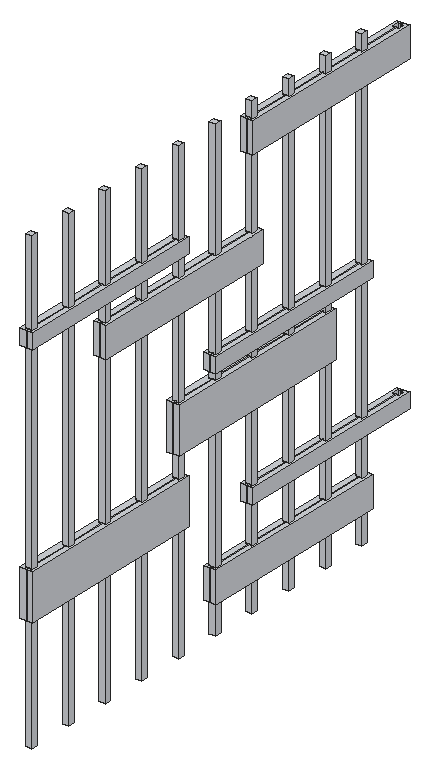
Revit family "TOM_MONTAGGIO PARTI RISTO CINESE_07-01-2019", category Generic Models, Revit 2016
Family settings
  Part Type = Normal
  Can host rebar = No
  Round Connector Dimension = Use Diameter
  Work Plane-Based = No
  Always vertical = Yes
  Cut with Voids When Loaded = No
  Shared = No
  Room Calculation Point = No
Parameters
  PASSO MONTANTI = 30 mm
  C_9 [instance] = 300 mm
  C_8 [instance] = 280 mm
  C_7 [instance] = 240 mm
  C_6 [instance] = 213 mm
  C_5 [instance] = 135 mm
  C_4 [instance] = 160 mm
  C_3 [instance] = 90 mm
  C_2 [instance] = 70 mm
  C_1 [instance] = 30 mm
Reference planes
  plane 1 "Center (Front/Back)": y = 0
  plane 2: z = 0
  plane 3 "Center (Left/Right)": x = 0
  plane 4: y = -30
  plane 5: y = -60
  plane 6: y = -90
  plane 7: y = -120
  plane 8: y = -150
  plane 9: z = 300
  plane 10: z = 213
  plane 11: z = 160
  plane 12: z = 135
  plane 13: z = 70
  plane 14: z = 30
  plane 15: y = -180
  plane 16: y = -210
  plane 17: z = 280
  plane 18: z = 90
  plane 19: z = 240
  plane 20: y = -240
  plane 21: y = -270
  plane 22: y = 30
Dimensions and locks
  "PASSO MONTANTI": plane 1 "Center (Front/Back)" to plane 4
  "C_9": plane 9 to plane 2
  "C_1": plane 14 to plane 2
  "C_2": plane 13 to plane 2
  "C_3": plane 18 to plane 2
  "C_5": plane 12 to plane 2
  "C_4": plane 11 to plane 2
  "C_6": plane 10 to plane 2
  "C_7": plane 19 to plane 2
  "C_8": plane 17 to plane 2
  equal spacing: plane 22, plane 1 "Center (Front/Back)", plane 4, plane 5, plane 6, plane 7, plane 8, plane 15, plane 16, plane 20, plane 21
  aligned and locked: level to plane 2
  aligned and locked: nested 1 to plane 1 "Center (Front/Back)"
  aligned and locked: nested 2 to plane 4
  aligned and locked: nested 3 to plane 5
  aligned and locked: nested 4 to plane 6
  aligned and locked: nested 5 to plane 7
  aligned and locked: nested 6 to plane 8
  aligned and locked: nested 12 to plane 15
  aligned and locked: plane 2 to nested 12
  aligned and locked: plane 2 to nested 13
  aligned and locked: plane 9 to nested 13
  aligned and locked: plane 9 to nested 12
  aligned and locked: nested 11 to plane 10
  aligned and locked: nested 15 to plane 18
  aligned and locked: nested 10 to plane 13
  aligned and locked: nested 9 to plane 14
  aligned and locked: nested 8 to plane 12
  aligned and locked: nested 7 to plane 11
  aligned and locked: nested 14 to plane 17
  aligned and locked: nested 16 to plane 19
  aligned and locked: nested 17 to plane 17
  aligned and locked: nested 18 to plane 19
  aligned and locked: nested 19 to plane 10
  aligned and locked: nested 20 to plane 11
  aligned and locked: nested 21 to plane 12
  aligned and locked: nested 22 to plane 18
  aligned and locked: nested 23 to plane 14
  aligned and locked: nested 24 to plane 13
  aligned and locked: nested 25 to plane 21
  aligned and locked: plane 2 to nested 25
  aligned and locked: plane 9 to nested 25
  aligned and locked: nested 26 to plane 20
  aligned and locked: plane 9 to nested 26
  aligned and locked: plane 2 to nested 26
  aligned and locked: plane 9 to nested 6
  aligned and locked: plane 9 to nested 5
  aligned and locked: plane 9 to nested 4
  aligned and locked: plane 9 to nested 3
  aligned and locked: plane 9 to nested 2
  aligned and locked: plane 9 to nested 1
Nested families
  nested 1: "TOM_MONTANTE RISTO CINESE_07-01-2019" at (0, 0, 0) x (0, 0, 1) z (1, 0, 0), type "TOM_MONTANTE RISTO CINESE_07-01-2019"
    with built-in parameter 1001306 0.98425 (stored number, unit not read)
  nested 2: "TOM_MONTANTE RISTO CINESE_07-01-2019" at (0, -30, 0) x (0, 0, 1) z (1, 0, 0), type "TOM_MONTANTE RISTO CINESE_07-01-2019"
    with built-in parameter 1001306 0.98425 (stored number, unit not read)
  nested 3: "TOM_MONTANTE RISTO CINESE_07-01-2019" at (0, -60, 0) x (0, 0, 1) z (1, 0, 0), type "TOM_MONTANTE RISTO CINESE_07-01-2019"
    with built-in parameter 1001306 0.98425 (stored number, unit not read)
  nested 4: "TOM_MONTANTE RISTO CINESE_07-01-2019" at (0, -90, 0) x (0, 0, 1) z (1, 0, 0), type "TOM_MONTANTE RISTO CINESE_07-01-2019"
    with built-in parameter 1001306 0.98425 (stored number, unit not read)
  nested 5: "TOM_MONTANTE RISTO CINESE_07-01-2019" at (0, -120, 0) x (0, 0, 1) z (1, 0, 0), type "TOM_MONTANTE RISTO CINESE_07-01-2019"
    with built-in parameter 1001306 0.98425 (stored number, unit not read)
  nested 6: "TOM_MONTANTE RISTO CINESE_07-01-2019" at (0, -150, 0) x (0, 0, 1) z (1, 0, 0), type "TOM_MONTANTE RISTO CINESE_07-01-2019"
    with built-in parameter 1001306 0.98425 (stored number, unit not read)
  nested 7: "TOM_PARTE RISTO CINESE_07-01-2019" at (-2, -60, 160) x (0, -1, 0) z (-1, 0, 0), type "10x128"
  nested 8: "TOM_PARTE RISTO CINESE_07-01-2019" at (-2, -90, 135) x (0, -1, 0) z (-1, 0, 0), type "30x120"
  nested 9: "TOM_PARTE RISTO CINESE_07-01-2019" at (-2, -60, 30) x (0, -1, 0) z (-1, 0, 0), type "20x128"
  nested 10: "TOM_PARTE RISTO CINESE_07-01-2019" at (-2, -30, 70) x (0, -1, 0) z (-1, 0, 0), type "10x128"
  nested 11: "TOM_PARTE RISTO CINESE_07-01-2019" at (-2, -150, 213) x (0, -1, 0) z (-1, 0, 0), type "20x128"
  nested 12: "TOM_MONTANTE RISTO CINESE_07-01-2019" at (0, -180, 300) x (0, 0, -1) z (1, 0, 0), type "TOM_MONTANTE RISTO CINESE_07-01-2019"
    with built-in parameter 1001306 0.98425 (stored number, unit not read)
  nested 13: "TOM_MONTANTE RISTO CINESE_07-01-2019" at (0, -210, 300) x (0, 0, -1) z (1, 0, 0), type "TOM_MONTANTE RISTO CINESE_07-01-2019"
    with built-in parameter 1001306 0.98425 (stored number, unit not read)
  nested 14: "TOM_PARTE RISTO CINESE_07-01-2019" at (-2, -30, 280) x (0, -1, 0) z (-1, 0, 0), type "20x128"
  nested 15: "TOM_PARTE RISTO CINESE_07-01-2019" at (-2, -210, 90) x (0, -1, 0) z (-1, 0, 0), type "30x120"
  nested 16: "TOM_PARTE RISTO CINESE_07-01-2019" at (-2, -210, 240) x (0, -1, 0) z (-1, 0, 0), type "10x128"
  nested 17: "TOM_PARTE RISTO CINESE_07-01-2019" at (2, -30, 280) x (0, 1, 0) z (1, 0, 0), type "20x128"
  nested 18: "TOM_PARTE RISTO CINESE_07-01-2019" at (2, -210, 240) x (0, 1, 0) z (1, 0, 0), type "10x128"
  nested 19: "TOM_PARTE RISTO CINESE_07-01-2019" at (2, -150, 213) x (0, 1, 0) z (1, 0, 0), type "20x128"
  nested 20: "TOM_PARTE RISTO CINESE_07-01-2019" at (2, -60, 160) x (0, 1, 0) z (1, 0, 0), type "10x128"
  nested 21: "TOM_PARTE RISTO CINESE_07-01-2019" at (2, -90, 135) x (0, 1, 0) z (1, 0, 0), type "30x120"
  nested 22: "TOM_PARTE RISTO CINESE_07-01-2019" at (2, -210, 90) x (0, 1, 0) z (1, 0, 0), type "30x120"
  nested 23: "TOM_PARTE RISTO CINESE_07-01-2019" at (2, -60, 30) x (0, 1, 0) z (1, 0, 0), type "20x128"
  nested 24: "TOM_PARTE RISTO CINESE_07-01-2019" at (2, -30, 70) x (0, 1, 0) z (1, 0, 0), type "10x128"
  nested 25: "TOM_MONTANTE RISTO CINESE_07-01-2019" at (0, -270, 300) x (0, 0, -1) z (1, 0, 0), type "TOM_MONTANTE RISTO CINESE_07-01-2019"
    with built-in parameter 1001306 0.98425 (stored number, unit not read)
  nested 26: "TOM_MONTANTE RISTO CINESE_07-01-2019" at (0, -240, 300) x (0, 0, -1) z (1, 0, 0), type "TOM_MONTANTE RISTO CINESE_07-01-2019"
    with built-in parameter 1001306 0.98425 (stored number, unit not read)
Definition of nested family "TOM_MONTANTE RISTO CINESE_07-01-2019"
  Parameters (values of type "TOM_MONTANTE RISTO CINESE_07-01-2019")
    built-in parameter 1001306 [instance] = 1200 mm
    LARGHEZZA = 4 mm
    ALTEZZA = 1200 mm
  Reference planes
    plane 1 "Center (Front/Back)": y = 0
    plane 2: z = 0
    plane 3 "Left": x = 0
    plane 4 "Right": x = 1200
    plane 5: z = 2
    plane 6: z = -2
    plane 7: y = -2
    plane 8: y = 2
  Forms (mm)
    Extrusion 1, solid
      sketch origin (0, 0, 0) x (0, 1, 0) y (0, 0, 1)
        loop
          line (2, 2) -> (-2, 2) -> (-2, -2) -> (2, -2) -> (2, 2)
      from 0 to 1200
  Lines and regions (mm)
    reference lines
      curve 1: line (0, 0, 0) -> (1200, 0, 0)
  Dimensions and locks
    "built-in parameter 1001306": plane 3 "Left" to plane 4 "Right"
    equal spacing: plane 8, plane 1 "Center (Front/Back)", plane 7
    equal spacing: plane 5, plane 2, plane 6
    "LARGHEZZA": plane 5 to plane 6
    "LARGHEZZA": plane 8 to plane 7
    "ALTEZZA": plane 4 "Right" to plane 3 "Left"
    aligned and locked: plane 4 "Right" to curve 1
    aligned and locked: plane 1 "Center (Front/Back)" to curve 1
    aligned and locked: plane 3 "Left" to curve 1
    aligned and locked: level to plane 2
    aligned and locked: plane 5 to Extrusion 1
    aligned and locked: plane 7 to Extrusion 1
    aligned and locked: Extrusion 1 to plane 8
    aligned and locked: Extrusion 1 to plane 6
    aligned and locked: plane 4 "Right" to Extrusion 1
  Automatic sketch dimensions
    plane 7 to Extrusion 1 sketch curve = 0 mm
    Extrusion 1 sketch curve to plane 8 = 0 mm
    Extrusion 1 sketch curve to plane 6 = 0 mm
    plane 5 to Extrusion 1 sketch curve = 0 mm
Definition of nested family "TOM_PARTE RISTO CINESE_07-01-2019"
  Parameters (values of type "10x128")
    Spessore asta = 4 mm
    Passo montanti = 30 mm
    Lunghezza netta = 120 mm
    Lunghezza asta = 128 mm
    Dimensione foro = 4 mm
    Default Elevation = 1219.2 mm
    Avanzo = 4 mm
    Altezza Asta = 10 mm
  Types (4, lengths in mm): name | Altezza Asta
    (no name) | 10
    30x120 | 30
    20x128 | 20
    10x128 | 10
  Reference planes
    plane 1 "Center (Front/Back)": y = 0
    plane 2: z = 0
    plane 3 "Center (Left/Right)": x = 0
    plane 4: x = 60
    plane 5: x = -30
    plane 6: x = 30
    plane 7: x = -60
    plane 8: y = 5
    plane 9: y = -5
    plane 10: x = -64
    plane 11: x = 64
    plane 12: z = 2
    plane 13: x = -62
    plane 14: x = -58
    plane 15: x = -32
    plane 16: x = -28
    plane 17: x = -2
    plane 18: x = 2
    plane 19: x = 28
    plane 20: x = 32
    plane 21: x = 58
    plane 22: x = 62
    plane 23: z = -2
  Forms (mm)
    Extrusion 1, solid
      sketch origin (0, 0, 0) x (1, 0, 0) y (0, 1, 0)
        loop
          line (-1219.2, 1219.2) -> (-1219.2, -1219.2) -> (1219.2, -1219.2) -> (1219.2, 1219.2) -> (-1219.2, 1219.2)
      from 0 to -304.8
    Extrusion 2, solid
      sketch origin (0, 0, 0) x (1, 0, 0) y (0, 1, 0)
        loop
          line (-64, 5) -> (-64, -5) -> (64, -5) -> (64, 5) -> (-64, 5)
      from -2 to 2
    Extrusion 3, void
      sketch origin (0, 0, 0) x (1, 0, 0) y (0, 1, 0)
        loop
          line (-62, 5) -> (-62, -5) -> (-58, -5) -> (-58, 5) -> (-62, 5)
      from -2 to 0
    Extrusion 4, void
      sketch origin (0, 0, 0) x (1, 0, 0) y (0, 1, 0)
        loop
          line (-32, 5) -> (-32, -5) -> (-28, -5) -> (-28, 5) -> (-32, 5)
      from -2 to 0
    Extrusion 5, void
      sketch origin (0, 0, 0) x (1, 0, 0) y (0, 1, 0)
        loop
          line (-2, 5) -> (-2, -5) -> (2, -5) -> (2, 5) -> (-2, 5)
      from -2 to 0
    Extrusion 6, void
      sketch origin (0, 0, 0) x (1, 0, 0) y (0, 1, 0)
        loop
          line (28, 5) -> (28, -5) -> (32, -5) -> (32, 5) -> (28, 5)
      from -2 to 0
    Extrusion 7, void
      sketch origin (0, 0, 0) x (1, 0, 0) y (0, 1, 0)
        loop
          line (58, 5) -> (58, -5) -> (62, -5) -> (62, 5) -> (58, 5)
      from -2 to 0
  Cuts and joins
    Extrusion 3, Extrusion 4, Extrusion 5, Extrusion 6, Extrusion 7 cuts Extrusion 2
  Dimensions and locks
    "Passo montanti": plane 7 to plane 5
    equal spacing: plane 7, plane 5, plane 3 "Center (Left/Right)", plane 6, plane 4
    equal spacing: plane 8, plane 1 "Center (Front/Back)", plane 9
    "Altezza Asta": plane 8 to plane 9
    equal spacing: plane 13, plane 7, plane 14
    equal spacing: plane 15, plane 5, plane 16
    equal spacing: plane 17, plane 3 "Center (Left/Right)", plane 18
    equal spacing: plane 19, plane 6, plane 20
    equal spacing: plane 21, plane 4, plane 22
    "Dimensione foro": plane 13 to plane 14
    "Dimensione foro": plane 15 to plane 16
    "Dimensione foro": plane 17 to plane 18
    "Dimensione foro": plane 19 to plane 20
    "Dimensione foro": plane 21 to plane 22
    "Avanzo": plane 10 to plane 7
    "Avanzo": plane 4 to plane 11
    equal spacing: plane 12, plane 2, plane 23
    "Spessore asta": plane 12 to plane 23
    aligned and locked: plane 2 to Extrusion 1
    aligned and locked: level to Extrusion 1
    aligned and locked: plane 8 to Extrusion 2
    aligned and locked: Extrusion 2 to plane 9
    aligned and locked: Extrusion 2 to plane 10
    aligned and locked: plane 11 to Extrusion 2
    aligned and locked: plane 12 to Extrusion 2
    aligned and locked: Extrusion 2 to plane 23
    aligned and locked: Extrusion 3 sketch curve to plane 8
    aligned and locked: plane 9 to Extrusion 3 sketch curve
    aligned and locked: Extrusion 3 sketch curve to plane 14
    aligned and locked: plane 13 to Extrusion 3 sketch curve
    aligned and locked: Extrusion 4 sketch curve to plane 8
    aligned and locked: plane 9 to Extrusion 4 sketch curve
    aligned and locked: Extrusion 4 sketch curve to plane 16
    aligned and locked: plane 15 to Extrusion 4 sketch curve
    aligned and locked: plane 17 to Extrusion 5 sketch curve
    aligned and locked: plane 9 to Extrusion 5 sketch curve
    aligned and locked: Extrusion 5 sketch curve to plane 18
    aligned and locked: Extrusion 5 sketch curve to plane 8
    aligned and locked: Extrusion 6 sketch curve to plane 8
    aligned and locked: Extrusion 6 sketch curve to plane 20
    aligned and locked: plane 9 to Extrusion 6 sketch curve
    aligned and locked: plane 19 to Extrusion 6 sketch curve
    aligned and locked: plane 21 to Extrusion 7 sketch curve
    aligned and locked: Extrusion 7 sketch curve to plane 22
    aligned and locked: plane 9 to Extrusion 7 sketch curve
    aligned and locked: Extrusion 7 sketch curve to plane 8
    aligned and locked: Extrusion 3 to plane 23
    aligned and locked: plane 2 to cut or joined group of Extrusion 2, Extrusion 3, Extrusion 4, Extrusion 5, Extrusion 6, Extrusion 7  (x5)
    aligned and locked: cut or joined group of Extrusion 2, Extrusion 3, Extrusion 4, Extrusion 5, Extrusion 6, Extrusion 7 to plane 23  (x3)
  Automatic sketch dimensions
    Extrusion 1 sketch curve to Extrusion 1 sketch curve = 2438.4 mm  (x2)
    Extrusion 2 sketch curve to plane 10 = 0 mm
    Extrusion 2 sketch curve to plane 9 = 0 mm
    plane 11 to Extrusion 2 sketch curve = 0 mm
    plane 8 to Extrusion 2 sketch curve = 0 mm
